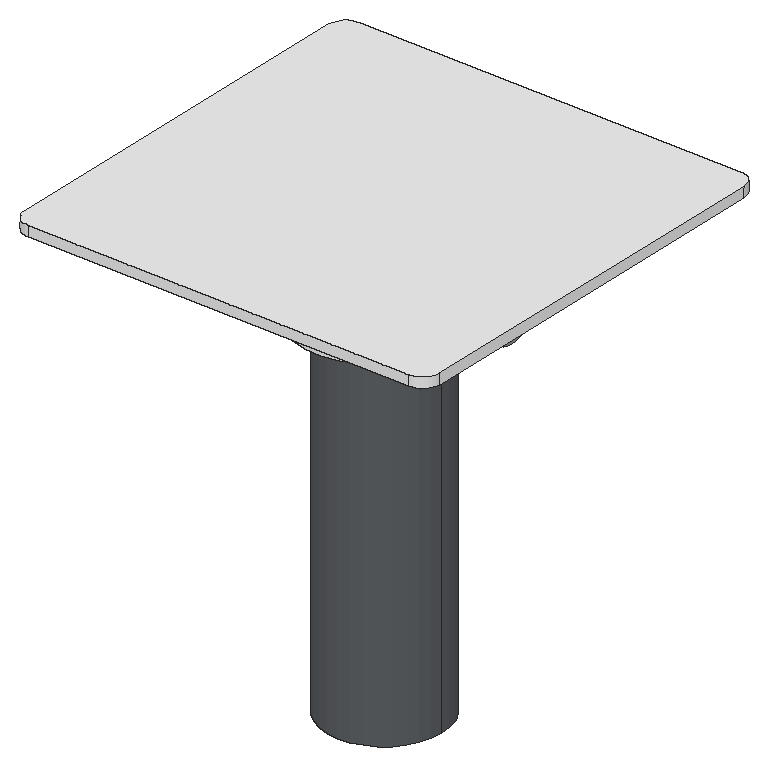
Revit family "KEUCO_59547000170_", category Generic Models, Revit 2016
Family settings
  Part Type = Normal
  Can host rebar = No
  Round Connector Dimension = Use Diameter
  Work Plane-Based = Yes
  Always vertical = No
  Cut with Voids When Loaded = No
  Shared = No
  Room Calculation Point = No
Parameters (values of type "59547000170")
  Verwendung = "DU / WA / ZU"  # constant formula
  Preisgruppe = ""
  Kategorie = "ARM"
  Gewicht = 0
  Breite = 45 mm
  URL = "https://www.keuco.com/de/produkte/sortiment/artikel/?pid=59547&oid=15&pgo=9&country=de&lang=de&vid=59547000170"
  Materialien bei Hersteller anfragen = "Anfrage zu:  objektmanagement@keuco.de"
  Description = "zur einfachen Installation von Produkten mit 1/2 Zoll\r\nAnschluss in Kombination mit der Montageschiene,\r\nInnengewinde G1/2, Einbautiefe 80 - 110 mm"
  Default Elevation = 1219.2 mm
  Serie = "Plan"  # constant formula
  Material = Stahl, verchromt
  Manufacturer = "KEUCO"  # constant formula
  Assembly Code = ""
  Ausschreibungstext = "KEUCO UP Funktionseinheit Universal DN15, 59547000170\r\nzur einfachen Installation von Produkten mit G1/2 Zoll,\r\nschallentkoppelt,\r\nAnschluss in Kombination mit der Montageschiene,\r\nInnengewinde G1/2 Zoll, Einbautiefe 80 mm - 110 mm\r\n\r\nHinweis:\r\nUniversell einsetzbar für Produkte mit 1/2 Zoll Anschluss."
  Artikelnummer = "59547000170"
Reference planes
  plane 1 "Center (Front/Back)": y = 0
  plane 2: z = 0
  plane 3 "Center (Left/Right)": x = 0
Forms (mm)
  Extrusion 1, solid, material "Stahl, verchromt" <- "Material"
    sketch origin (0, 16.5, -23) x (1, 0, 0) y (0, 1, 0)
      loop
        line (-26.784, -6.484) -> (-26.784, -26.484) -> (-22.873, -26.484)
        arc (-22.873, -26.484) -> (25.001, -16.484) -> (-22.873, -6.484) r 24.981
        line (-22.873, -6.484) -> (-26.784, -6.484)
    from -7 to 20
  Extrusion 2, solid, material "Stahl, verchromt" <- "Material"
    sketch origin (0, 16.5, 0) x (0, 1, 0) y (-1, 0, 0)
      loop
        arc (44.5, 56) -> (43.036, 59.536) -> (39.5, 61) r 5
        line (39.5, 61) -> (-72.5, 61)
        arc (-72.5, 61) -> (-76.036, 59.536) -> (-77.5, 56) r 5
        line (-77.5, 56) -> (-77.5, -56)
        arc (-77.5, -56) -> (-76.036, -59.536) -> (-72.5, -61) r 5
        line (-72.5, -61) -> (39.5, -61)
        arc (39.5, -61) -> (43.036, -59.536) -> (44.5, -56) r 5
        line (44.5, -56) -> (44.5, 56)
    from 0 to -3
  Extrusion 3, solid, material "Schwarzgrau"
    sketch origin (0, 16.5, -145) x (0, 1, 0) y (-1, 0, 0)
      loop
        circle (-16.5, 0) r 17
      loop
        circle (-16.5, 0) r 15
    from 10 to 115
  Extrusion 4, solid, material "Brass, Soft Yellow, Welded"
    sketch origin (0, 0, -32.959) x (0, 1, 0) y (0, 0, 1)
      loop
        circle (0, 15.638) r 7.801
    from 21.592 to 37.445
Dimensions and locks
  Extrusion 1 to Extrusion 1 = 27 mm
  aligned and locked: level to plane 2
